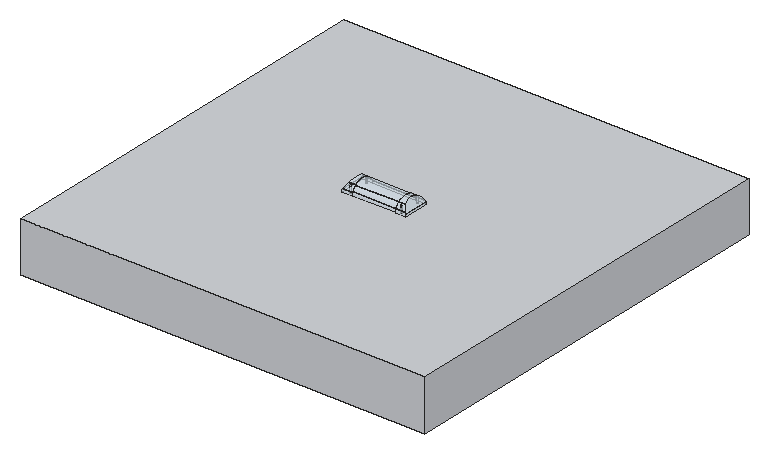
Revit family "GALAD Купер LED", category Осветительные приборы, Revit 2018 (continued)
Types (2, lengths in mm): name | Файл фотометрической сетки | built-in parameter 1150142 | Климатическая зона | URL | ADSK_Наименование краткое | ADSK_Наименование | ADSK_Марка | ADSK_Код изделия
  ДБО64-6х2-002 УХЛ4 (220В) | "GALAD kuper dbo64-6X2-002.IES" | "IESNA:LM-63-95\r\n[TEST] \r\r\n[MANUFAC] GALAD\r\r\n[LUMCAT] \r\r\n[LUMINAIRE] Купер ДБО64-6X2-002\r\r\n[LAMPCAT] \r\r\n[LAMP]  СД, 12 Вт\r\r\n\r\nTILT=NONE\r\n1 1200 1.43 73 37 1 2 0.385 0.156 0.07\r\n1 1 12 \r\n 0 2.5 5 7.5 10 12.5 15 17.5 20 22.5 25 27.5 30 32.5 35 37.5 40 42.5 45 47.5 50\r\n 52.5 55 57.5 60 62.5 65 67.5 70 72.5 75 77.5 80 82.5 85 87.5 90 92.5 95 97.5 100\r\n 102.5 105 107.5 110 112.5 115 117.5 120 122.5 125 127.5 130 132.5 135 137.5 140\r\n 142.5 145 147.5 150 152.5 155 157.5 160 162.5 165 167.5 170 172.5 175 177.5 180\r\n 0 2.5 5 7.5 10 12.5 15 17.5 20 22.5 25 27.5 30 32.5 35 37.5 40 42.5 45 47.5 50\r\n 52.5 55 57.5 60 62.5 65 67.5 70 72.5 75 77.5 80 82.5 85 87.5 90\r\n 239.4 243.3 242.1 242.1 240.6 240.9 241.6 245.4 249.2 245.9 235 221.8 212.4 206.4\r\n 200.2 192 184.4 179 172.8 166.4 161.1 155.6 149 143.1 137.6 132.2 127.7 122.9\r\n 117.9 114.5 113.8 117.7 119.4 112.7 98.8 81.4 69.4 61.4 45 31.3 24 19.4 15.9 12.9\r\n 10 7.4 6.4 6.3 7.2 6.9 6.6 6.2 5.7 5.2 4.4 3.8 3 2.3 1.8 1.3 0.8 0.4 0.2 0.1 0 0\r\n 0.1 0.1 0 0 0 0 0\r\n 239.4 241.1 241.1 242.6 240.8 242.4 243 244.9 248.5 245.4 235.1 222.3 213.8 206.4\r\n 199.2 191.8 184.9 178.7 172.9 166.4 161.1 155.6 148.9 142.8 137.7 132.6 127.9\r\n 123.1 118.1 114.7 113.9 117.8 119.3 112.3 99.1 81.8 69.6 61.7 44.8 31.4 24 19.5\r\n 16.1 12.9 10 7.3 6.2 6.1 7 6.8 6.5 6.1 5.6 5 4.4 3.7 3 2.3 1.8 1.2 0.8 0.4 0.2 0 0\r\n 0 0 0.1 0 0 0 0 0\r\n 239.4 241.7 242.3 241.4 242 241.3 241.7 245.5 249.3 245.3 235.4 222.6 213 205.7\r\n 199.1 192.3 184.6 178.9 173.5 166.7 161 155.4 148.4 142.1 137.1 132.2 127 122.6\r\n 117.8 113.8 113 116.9 118.6 112.5 99.3 82.6 70.1 61.5 44.2 31.3 24 19.4 15.9 12.8\r\n 9.8 7.4 6.1 6.3 6.9 6.8 6.5 6.1 5.6 5 4.3 3.6 3 2.3 1.8 1.2 0.8 0.4 0.2 0 0 0 0\r\n 0.1 0 0 0 0 0\r\n 239.4 241.8 242.3 241.8 241.2 243.3 242.3 244.9 248.2 245.9 236.1 222 213.7 205.9\r\n 199.5 191.4 184.6 178.7 173.1 165.9 160.3 155.4 148.3 141.6 137.1 132.2 126.5\r\n 122.3 117.9 112.9 112.1 115.6 118.6 113.4 101 84.2 70.7 62.4 45.3 31.5 24 19.4\r\n 15.9 12.8 9.8 7.5 6.2 6.3 6.9 6.7 6.3 6 5.5 4.9 4.2 3.5 2.9 2.3 1.7 1.1 0.8 0.4\r\n 0.2 0 0 0 0 0.1 0 0 0 0 0\r\n 239.4 242.3 242.1 242.2 240.7 239.4 242.6 245.4 248.3 245 235.2 222.1 213 206\r\n 198.6 191.4 184.2 178.7 172.5 165.6 160.3 154.8 148 141.1 136.2 131.6 126.1 121.8\r\n 117.2 112.3 111.3 114.3 117.7 113.7 102.1 85.2 71.6 62.3 46.4 32 24.2 19.4 15.9\r\n 12.8 9.8 7.6 6.3 6.3 6.8 6.6 6.3 5.8 5.4 4.8 4.2 3.5 2.8 2.2 1.7 1.1 0.7 0.4 0.2 0\r\n 0 0 0.1 0.1 0 0 0 0 0\r\n 239.4 242.6 240.1 242.6 242.2 242.9 241.4 244.6 248.1 245.1 234.9 222.2 213.6\r\n 205.3 198.1 190.7 183.9 177.9 171.4 165.3 160 154.1 147.6 141.3 135.4 130.5 125.6\r\n 120.7 116.1 111.3 110 111.9 116.1 113.9 103.3 86.7 71.9 62.5 47.9 32.7 24.4 19.4\r\n 15.8 12.7 9.7 7.7 6.4 6.5 6.7 6.5 6.1 5.8 5.3 4.8 4.1 3.4 2.8 2.1 1.6 1.1 0.7 0.4\r\n 0.1 0 0 0 0.1 0 0 0 0 0 0\r\n 239.4 242.8 241.9 242.1 241 240.4 242.9 244.5 247.8 243.9 234.9 223 213.2 204.9\r\n 197.9 190.3 184 176.9 170.4 164.9 159.4 153.2 146.9 141 134.4 128.8 124.3 119.9\r\n 114.5 110.5 108.9 109.6 113.7 113 103.7 87.3 72.1 62.1 48.7 33.5 24.7 19.5 15.9\r\n 12.7 9.9 7.8 6.4 6.4 6.5 6.3 6 5.7 5.2 4.6 3.9 3.3 2.7 2.1 1.5 1 0.7 0.4 0.1 0 0 0\r\n 0.1 0 0 0 0 0 0\r\n 239.4 241.4 241.8 241.4 241.5 241.4 241.1 243.7 245.8 244.3 236.7 222.7 212.4\r\n 203.8 197.1 190.4 182.9 176.4 169.6 164.4 158.4 151.8 146.4 140.4 133.3 127.7\r\n 123.3 118.7 113.5 109.9 106.8 106.5 110.8 112.8 104.7 88.7 72.2 61.2 50.2 34.6\r\n 25.1 19.7 15.9 12.7 9.9 8 6.7 6.5 6.4 6.2 5.8 5.4 5 4.5 3.9 3.2 2.6 2 1.5 1 0.6\r\n 0.3 0.1 0 0 0.1 0.1 0 0 0 0 0 0\r\n 239.4 241.1 242.2 241.6 241.5 241.2 242.5 243.1 244.7 243.4 235.3 222.9 211.4\r\n 203.8 196.6 189.5 182.1 175.4 169.1 163.5 157.6 151.4 145.6 139.6 132.9 126.9 122\r\n 116.8 112.2 108.5 104.4 103.8 107.7 111.4 105.6 89.8 72.3 61.1 50.3 36 25.9 19.8\r\n 15.9 12.8 10 8.2 6.8 6.6 6.3 5.9 5.6 5.1 4.8 4.3 3.7 3.1 2.5 1.9 1.4 0.9 0.6 0.3\r\n 0.1 0 0 0.1 0.1 0 0 0 0 0 0\r\n 239.4 241.4 241.2 242.6 240.8 239.9 241 241.7 243.5 242.7 235.8 223.4 212.1 203.5\r\n 196 189.1 181.6 175.2 168.6 162.6 156.9 150.4 144.8 139.1 132.4 125.7 120.2 115.2\r\n 111.1 106.4 102.7 101.3 103.5 108.8 106.2 91.9 73.1 60.5 51.4 38.5 26.9 20.3 16.1\r\n 12.8 10.1 8.3 7.1 6.7 6.2 5.8 5.3 5 4.6 4.1 3.5 2.9 2.3 1.8 1.4 0.9 0.6 0.3 0.1 0\r\n 0 0 0.1 0 0 0 0 0 0\r\n 239.4 240.1 240.4 241.9 242 240.7 240.8 241.5 242.4 242.5 236 224.1 211.5 202.4\r\n 195.3 188.9 181 174.2 168.1 161.9 155.9 150 143.8 137.6 131.7 124.9 118.6 113.9\r\n 109 104.3 100.7 98.1 99.3 104.2 105.7 92.8 73.4 60 51.1 40.1 28.3 20.8 16.3 12.9\r\n 10.2 8.5 7.3 6.9 6.3 5.7 5.2 4.7 4.3 3.8 3.3 2.7 2.2 1.7 1.2 0.9 0.5 0.2 0.1 0 0 0\r\n 0.1 0 0 0 0 0 0\r\n 239.4 242.1 241.5 241.9 239.9 239.4 240.3 240.3 241.4 242.6 235.1 224 212.3 202.4\r\n 195 188.1 180.4 172.9 167.1 161.1 155.3 149.4 143.1 136.6 130.4 123.8 117.5 111.6\r\n 106.5 102.4 98 94.9 94.7 99.1 103.7 95 75.2 59.7 50.4 41.1 29.8 21.6 16.5 13 10.4\r\n 8.5 7.5 6.8 6.2 5.6 5 4.5 4 3.5 3 2.5 2 1.5 1.1 0.8 0.4 0.2 0.1 0.1 0.1 0 0 0 0 0\r\n 0 0 0\r\n 239.4 243 240.9 242 241.1 240.7 239.6 239.7 240.7 241.4 235.6 225.1 212.9 202.1\r\n 194.2 187.2 180.3 172.6 166.2 160.6 154.5 148.2 141.9 135.6 129.1 122.7 116.1\r\n 109.6 104.3 99.5 95 91.8 90.5 92.7 98.5 95.6 76.2 59 49.2 40.8 31.2 22.4 16.8 13.1\r\n 10.5 8.7 7.5 6.8 6.1 5.5 4.9 4.3 3.8 3.3 2.7 2.2 1.8 1.4 1 0.6 0.3 0.2 0.1 0.1 0\r\n 0.1 0 0 0 0 0 0 0\r\n 239.4 242.8 240.5 241.9 240.8 237.9 238.7 238.1 240.6 240.9 235.1 225.7 213.2 203\r\n 193.6 186.9 179.7 172.3 165.2 159.9 153.1 147.3 140.9 133.8 128 121.5 114.2 108.2\r\n 101.9 96.3 92 88.1 85.9 86.4 91.8 95.2 79.2 59.1 48 39.8 31.7 23.4 17.3 13.4 10.6\r\n 8.7 7.5 6.6 5.9 5.3 4.7 4.2 3.6 3 2.5 2 1.6 1.2 0.8 0.5 0.3 0.1 0.1 0.1 0.1 0.1 0\r\n 0 0 0 0 0 0\r\n 239.4 241.6 241.1 241.6 240.1 239.8 237.1 238.2 238.3 239.4 234.8 226.1 213.6\r\n 202.5 193.2 186.1 178.9 171 164.6 158.1 151.9 145.9 139 132.3 126.6 119.5 112.6\r\n 106.2 99.9 93.7 88.6 84.7 81.5 80.5 84 89.5 80.2 58.5 46.2 38.5 31.6 24.5 17.8\r\n 13.5 10.6 8.7 7.4 6.5 5.8 5.2 4.6 4 3.4 2.8 2.3 1.8 1.4 1 0.7 0.4 0.2 0.1 0.1 0.1\r\n 0.1 0.1 0 0 0 0 0 0 0\r\n 239.4 243 240 243.3 239.9 238.7 237.5 237.4 236.8 238.4 234.5 225.5 213.8 203.6\r\n 193.3 184.9 178.8 170.7 163.8 156.8 150.3 144.8 137.9 130.9 124.9 117.6 111.1\r\n 104.3 97.4 90.9 85.3 80.5 76.6 74.5 75.5 80.7 79.4 59.5 44.9 36.5 30.4 24.4 18.4\r\n 13.7 10.7 8.7 7.2 6.2 5.6 4.9 4.3 3.8 3.2 2.7 2.1 1.7 1.3 0.9 0.6 0.3 0.1 0.1 0.1\r\n 0.1 0.1 0.1 0.1 0 0 0 0 0 0\r\n 239.4 242.8 241.1 240.8 240.3 238 236.3 234.8 236.4 237.1 234.3 225.6 213.4 203.8\r\n 192.9 184.9 177 169.6 162.7 155.2 149 142.2 136 129 122 115.4 108.5 101.6 94.8\r\n 88.5 82.3 76.3 71.3 68.2 67.6 71.2 74.6 61.2 43.3 34.1 28.5 23.8 19 14.1 10.7 8.5\r\n 7 6 5.3 4.7 4.1 3.5 3 2.4 2 1.5 1.1 0.8 0.5 0.2 0.1 0.1 0.1 0.1 0.1 0.1 0 0.1 0 0\r\n 0 0 0\r\n 239.4 241.9 239.5 242.6 239 238.4 236.4 234.3 235.1 233.2 233.5 226.3 214.5 204.3\r\n 193.5 185.5 176.1 168.1 160.7 154.1 147.4 140.4 134.2 125.5 115.5 112.5 105.7 98.8\r\n 91.9 85.2 78.6 72.7 67.3 63 60.7 61.7 66.6 59.6 42.9 31.8 25.6 21.5 18 14.2 10.7\r\n 8.3 6.8 5.7 5 4.4 3.8 3.3 2.8 2.2 1.7 1.3 1 0.7 0.4 0.2 0 0.1 0.1 0.1 0.1 0.1 0.1\r\n 0.1 0 0 0 0 0\r\n 239.4 241.5 240.6 240.4 239.6 238 235.1 232.5 232.7 234 232.5 226.9 215 203.8\r\n 193.6 184.5 176.1 167.6 159.4 152.3 145.1 138.3 131.2 122.3 110.8 107.4 102.6 95.5\r\n 88.6 81.6 74.7 68.2 62.6 57.5 54 53.1 55.3 56 42.4 30.3 23.2 18.9 15.9 13.3 10.5\r\n 8.1 6.5 5.4 4.7 4.1 3.6 3.1 2.5 2 1.5 1.1 0.9 0.6 0.3 0.1 0 0.1 0.1 0.1 0.1 0.1\r\n 0.1 0.1 0 0 0 0 0\r\n 239.4 241.3 241.3 239.4 239.7 237.7 234.8 232.8 230.6 233 230.7 226.2 216.8 205\r\n 193.2 184.9 175.3 167.3 157.6 150.5 142.7 136 128.7 120.8 109.4 103.5 98.9 91.8\r\n 84.5 77.4 70.6 63.9 57.8 52.6 48.6 46.4 46.6 48.3 41.1 30.1 22.1 17.2 14 11.6 9.7\r\n 7.8 6.1 5.1 4.4 3.8 3.3 2.8 2.3 1.8 1.3 0.9 0.6 0.4 0.2 0.1 0.1 0 0.1 0.1 0.1 0.1\r\n 0.1 0.1 0 0 0 0 0\r\n 239.4 242 240.9 240.4 239.2 236.3 235.2 232 228.8 230.6 230.4 224.5 216.5 205.4\r\n 193.3 183.4 174.3 166 157.3 149.4 140.9 133.1 125.4 117.9 109.6 102 95.1 87.4 80\r\n 72.7 65.6 59.1 52.9 47.6 43.4 40.4 39.4 40 37.6 30.1 22.3 16.5 12.8 10.4 8.6 7.1\r\n 5.8 4.8 4.1 3.5 3.1 2.5 2.1 1.6 1.1 0.8 0.5 0.3 0.2 0.1 0 0.1 0.1 0.1 0.1 0.1 0.1\r\n 0 0 0 0 0 0\r\n 239.4 242 240.1 239.3 239.9 236.5 234.9 231.9 228.7 227.8 228.3 225.4 215.3 205.1\r\n 193.4 183.7 173.5 164.6 155.3 146.8 139.1 131.1 122.8 114.6 106.1 97.8 90 82.5\r\n 74.9 67.8 60.8 54.3 48.4 43.3 39.2 36.1 34.3 33.7 32.5 27.9 21.8 16.1 12 9.5 7.7\r\n 6.4 5.3 4.5 3.8 3.2 2.7 2.3 1.8 1.4 1 0.6 0.4 0.3 0.2 0.2 0.1 0.1 0.1 0.1 0.1 0.1\r\n 0.1 0 0 0 0 0 0\r\n 239.4 242.5 240 239.4 238.4 237.4 234 231 228.4 226 225.2 223.9 215.8 204.6 193.1\r\n 182.1 172.8 163.1 153.7 145 136.5 127.7 119.4 110.6 101.7 93.4 85.4 77.7 70.4 63.3\r\n 56.3 50 44.4 39.4 35.2 31.7 29.2 28 27 24.1 20.4 16 11.9 8.9 7 5.7 4.7 4.1 3.5 3\r\n 2.5 2.1 1.7 1.2 0.9 0.5 0.3 0.2 0.2 0.2 0.1 0.1 0.1 0.1 0.1 0.1 0.1 0.1 0 0 0 0 0\r\n 239.4 242.4 241.6 238.9 237.8 237.6 233.6 229.5 228.1 225.3 224.4 221.8 214.5\r\n 205.6 192.8 180.9 170.8 161.4 152.3 143.2 134.2 125.2 116 106.3 97.1 88.7 80.8\r\n 73.3 66 58.9 52.2 46 40.5 35.8 31.7 28 25.2 23.3 22 20.1 17.2 14.1 10.9 8.1 6.3\r\n 5.2 4.3 3.7 3.2 2.7 2.3 1.9 1.5 1.1 0.8 0.4 0.2 0.1 0.2 0.2 0.1 0.1 0 0.1 0 0 0.1\r\n 0.1 0 0 0 0 0\r\n 239.4 241.4 241 238 237 236 233.6 229.8 226.2 223.4 221.8 220.6 214.3 204.3 193.1\r\n 181.1 169.7 159.7 150.4 140.4 131 121.3 111.8 101.6 92.6 84.4 76.5 68.9 61.5 54.5\r\n 48 42.3 37.2 32.4 28.2 24.4 21.3 19.1 17.6 16 14 11.8 9.6 7.6 5.8 4.6 3.9 3.4 3\r\n 2.6 2.1 1.6 1.3 0.9 0.6 0.4 0.2 0.1 0.2 0.2 0.2 0.1 0.1 0.1 0.1 0 0.1 0.1 0 0 0 0\r\n 0\r\n 239.4 239.6 242 239.2 237.1 234.9 234.3 230.7 226 223.2 220.9 218.1 213.4 204.1\r\n 193.3 180.2 168.6 157.7 147.9 137.9 127.8 117.6 107.4 97.6 88.5 80.1 72.2 64.6\r\n 57.1 50.2 44.2 38.9 33.9 29.5 25.4 21.8 18.7 16.2 14.5 13 11.3 9.4 7.8 6.3 5.1 4.2\r\n 3.5 3.1 2.7 2.3 2 1.5 1.1 0.8 0.6 0.4 0.2 0.1 0.1 0.2 0.2 0.1 0 0 0 0 0.1 0.1 0 0\r\n 0 0 0\r\n 239.4 240.8 241.4 238.2 237.5 233.9 231.9 231.4 226.7 221.8 217.7 216.6 212.3\r\n 204.4 193.3 180.7 167.9 156.7 145.9 135.1 124.6 114.1 103.6 93.8 84.9 76.3 68.1\r\n 60.5 53.4 46.9 41.3 36.2 31.6 27.1 23 19.4 16.5 14.2 12.5 10.9 9.4 7.9 6.4 5.3 4.4\r\n 3.8 3.3 2.8 2.4 2 1.7 1.4 1 0.8 0.6 0.4 0.3 0.2 0.1 0.2 0.2 0.1 0.1 0 0 0 0.1 0.1\r\n 0 0 0 0 0\r\n 239.4 239.6 241.8 238.9 236.6 233.6 231.1 229.6 227.8 224 219 214.4 210.1 203.4\r\n 192.8 180.8 168.3 155.7 144.1 133 121.6 110.7 100 90.3 80.8 72.4 64.4 56.9 50 43.8\r\n 38.6 33.9 29.5 25.3 21.4 18 15.2 12.7 10.9 9.5 8 6.6 5.4 4.6 3.8 3.2 2.8 2.4 2.2\r\n 1.9 1.5 1.3 1 0.8 0.6 0.4 0.3 0.2 0.1 0.1 0.2 0.1 0.1 0.1 0 0 0.1 0.1 0 0 0 0 0\r\n 239.4 239.6 240.5 239.6 237.5 235.8 229.2 226.8 224.6 220.7 217.6 212.8 209.5\r\n 202.4 192.7 180.8 167.3 154.6 142.5 130 118.3 107.2 96.5 86.8 77.4 68.9 60.9 53.7\r\n 47.3 41.8 36.8 32.3 27.9 23.7 19.9 16.7 14.1 11.9 10.2 8.5 6.9 5.6 4.5 3.8 3.4 2.9\r\n 2.5 2.3 2 1.8 1.5 1.3 1 0.8 0.6 0.4 0.4 0.2 0.1 0.1 0.1 0.2 0.1 0 0 0 0 0.1 0 0 0\r\n 0 0\r\n 239.4 238.5 241.3 239.7 236 235 232.6 227.5 223.7 220.3 215.4 210.6 205.5 200.2\r\n 191.6 180.3 167.1 153.5 140.7 128.2 115.7 104.2 93.6 83.5 74.1 65.9 58.1 51.1 45\r\n 39.8 35 30.6 26.5 22.5 18.8 15.8 13.2 11.1 9.4 7.6 6.2 5 3.8 3.2 2.8 2.5 2.3 2.2 2\r\n 1.8 1.5 1.3 1 0.8 0.6 0.4 0.4 0.2 0.1 0.1 0.1 0.1 0.1 0 0 0 0 0.1 0 0 0 0 0\r\n 239.4 239.2 241.7 239.5 236.3 235.3 232.2 228.5 224.9 221.4 215.9 210.6 205.2 199\r\n 190.5 179 166.6 152.5 139 125.8 113.4 101.8 90.9 81 71.7 63.2 55.8 49.3 43.4 38.3\r\n 33.8 29.5 25.2 21.2 17.7 15 12.6 10.6 8.9 7.1 5.3 4.2 3.5 3 2.6 2.3 2.2 2.1 2 1.8\r\n 1.5 1.3 1 0.8 0.6 0.5 0.4 0.3 0.1 0.1 0.1 0.2 0.1 0 0 0 0 0.1 0 0 0 0 0\r\n 239.4 238.3 239.5 239.1 237.1 232.8 232.1 228.7 223.6 220.1 215.5 209.4 202.4\r\n 196.3 189.1 178.6 166.3 152.9 138.9 125.3 112.2 100.3 89.1 78.7 69.2 61.2 54 47.5\r\n 41.9 36.9 32.5 28.2 24.1 20.3 17 14.2 11.9 10 8.2 6.3 4.8 3.6 3 2.6 2.3 2.2 2.1 2\r\n 1.8 1.7 1.5 1.2 1 0.8 0.6 0.5 0.4 0.3 0.1 0.1 0.1 0.2 0.1 0.1 0 0 0 0.1 0 0 0 0 0\r\n 239.4 239.2 237.9 238.9 235.6 232.5 229.8 227.5 222.3 218.3 214 207.9 202.3 195.8\r\n 187.5 177.9 166 152.8 138.6 124.2 110.5 98.3 87 76.7 67.5 59.8 52.9 46.6 41 36.1\r\n 31.5 27.3 23.3 19.7 16.5 13.8 11.6 9.6 7.8 5.2 4.2 3.3 2.7 2.3 2.1 2 1.9 1.8 1.8\r\n 1.6 1.4 1.2 1 0.8 0.7 0.5 0.4 0.3 0.2 0.1 0.1 0.1 0.1 0 0 0 0 0.1 0 0 0 0 0\r\n 239.4 237.4 238.1 236.6 235.9 231.1 227.6 225.1 222.5 216.9 213.1 208.9 201.8\r\n 194.3 187.1 177.9 166.4 154 140 124.9 110.7 97.6 86.1 75.6 66.2 58.3 51.5 45.5 40\r\n 35.1 30.7 26.6 22.7 19.2 15.8 13.2 11 9.3 6.2 4.6 3.1 2.5 2.1 2 1.9 1.9 1.8 1.8\r\n 1.7 1.6 1.4 1.2 1 0.9 0.7 0.5 0.4 0.3 0.1 0.1 0.1 0.1 0.1 0.1 0 0 0 0.1 0 0 0 0 0\r\n 239.4 238.6 236.7 235.8 233.8 232.1 227.6 223.4 221.6 218.6 212.2 205.7 200.6\r\n 193.8 186.3 177.3 166.7 154 139.8 124.2 109.4 96.4 84.6 74.1 65 57.7 51.1 45 39.6\r\n 34.7 30.1 25.9 22 18.8 15.7 13.2 10.9 9.3 5.5 3.3 2.4 2.1 1.9 1.9 1.9 1.9 1.8 1.7\r\n 1.7 1.6 1.4 1.2 1 0.9 0.8 0.5 0.4 0.3 0.2 0.1 0.1 0.1 0.1 0.1 0 0 0 0.1 0 0 0 0 0\r\n 239.4 236.5 235.5 234.9 233.3 231.6 228.4 225.3 221.9 217.4 211.8 205.9 199.9\r\n 193.6 185.1 177.4 167.3 155.7 141.2 125.7 110.4 96.4 83.9 73.6 64.6 56.9 50.2 44.3\r\n 39.1 34.2 29.9 25.8 21.8 17.8 14.6 12 10.4 8.6 4.6 3 2.8 2.3 2 1.9 1.9 1.9 1.9 1.8\r\n 1.7 1.6 1.4 1.2 1 0.9 0.7 0.5 0.4 0.3 0.2 0.1 0.1 0.2 0.2 0.1 0 0 0 0.1 0 0 0 0 0\r\n 239.4 237.5 236.5 235.6 233.9 231.1 230.7 226.1 220.7 214.5 211.7 206.9 199.2\r\n 192.4 185.8 177 167.1 154.6 140.1 124.7 109.2 95.1 83.3 72.9 64.2 56.9 50.5 44.5\r\n 39.1 34.2 29.7 25.4 21.4 17.8 14.6 12.1 10.5 8.8 4.4 3.1 2.8 2.3 2 1.8 2 1.9 1.9\r\n 1.8 1.6 1.5 1.4 1.2 1 0.9 0.8 0.6 0.4 0.3 0.2 0.1 0.1 0.2 0.1 0.1 0 0 0 0.1 0 0 0\r\n 0 0\r\n" | "УХЛ4" | "https://galad.ru/catalog/indoor/zhkh/kuper-led/dbo64-6h2-002-uhl4-220v/" | "ДБО64-6х2-002 УХЛ4 (220В)" | "ДБО64-6х2-002 УХЛ4 (220В)" | "ДБО64-6х2-002 УХЛ4 (220В)" | "2641"
